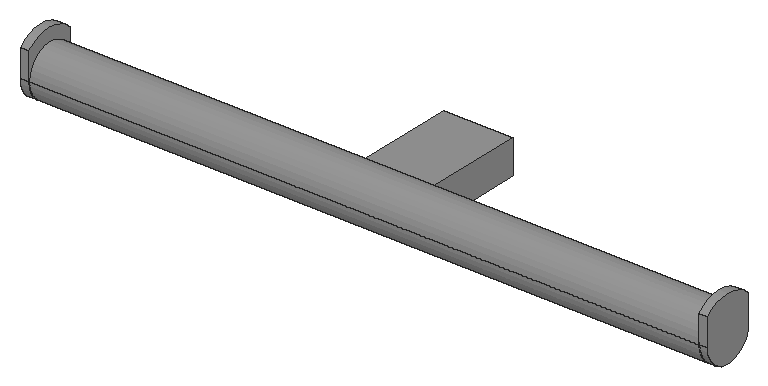
Revit family "KEUCO_14963010003", category Sonderausstattung, Revit 2016
Family settings
  Teiletyp = Normal
  Bemaßung runder Anschluss = Durchmesser verwenden
  Arbeitsebenenbasiert = Nein
  Immer vertikal = Ja
  Beim Laden mit Abzugskörper schneiden = Nein
  Gemeinsam genutzt = Nein
  Raumberechnungspunkt = Nein
Parameters
  Verwendung = "GWC / WC"  # constant formula
  URL = "https://www.keuco.com"
  Serie = "Plan"  # constant formula
  Preisgruppe = "1"  # constant formula
  Material Papierhalter [instance] = Aluminium silber-eloxiert (E6 EV1)
  Materialien bei Hersteller anfragen = "Anfrage zu:  objektmanagement@keuco.de"
  Kategorie = "ACC"  # constant formula
  Hersteller = "KEUCO"  # constant formula
  Gewicht = 382
  Description = "--"
  Ausschreibungstext = ""
  Artikelnummer = "14963010003"
Types (4, lengths in mm): name | URL | Material Papierhalter | Materialien bei Hersteller anfragen | Description | Ausschreibungstext | Artikelnummer
  (no name) | "https://www.keuco.com" | Aluminium silber-eloxiert (E6 EV1) | "Anfrage zu:  objektmanagement@keuco.de" | "--" | "" | "14963010003"
  14963010003 | "https://www.keuco.com/de/produkte/sortiment/artikel/?pid=14963&oid=2&pgo=24&country=de&lang=de&vid=14963010003" | Verchromt | "Request to:  objektmanagement@keuco.de" | "für Rollenbreite 100/120 mm" | "KEUCO PLAN Doppel-Toilettenpapierhalter, 14963010003\r\nhochglanzverchromter Doppel-Toilettenpapierhalter für Rollenbreite 100/120 mm, \r\nmit integrierter Rollenbremse aus thermoplast. Elastomer-Kunststoff, \r\nin ästhetischem, funktionalem Design,\r\nBreite: 298 mm, Gesamtausladung ohne WC Papierrolle: 65 mm, \r\nRohrdurchmesser 22 mm,\r\nder Doppel-Toilettenpapierhalter wird verdeckt angebracht,\r\nLieferung inkl. korrosionsfreiem Befestigungsmaterial" | "14963010003"
  14963070003 | "https://www.keuco.com/de/produkte/sortiment/artikel/?pid=14963&oid=2&pgo=24&country=de&lang=de&vid=14963070003" | Edelstahl | "Request to:  objektmanagement@keuco.de" | "für Rollenbreite 100/120 mm" | "KEUCO PLAN Doppel-Toilettenpapierhalter, 14963070003\r\nDoppel-Toilettenpapierhalter aus hochwertigem Edelstahl,\r\nfür Rollenbreite 100/120 mm, \r\nmit integrierter Rollenbremse aus thermoplast. Elastomer-Kunststoff, \r\nin ästhetischem, funktionalem Design,\r\nBreite: 298 mm, Gesamtausladung ohne WC Papierrolle: 65 mm, \r\nRohrdurchmesser 22 mm,\r\nder Doppel-Toilettenpapierhalter wird verdeckt angebracht,\r\nLieferung inkl. korrosionsfreiem Befestigungsmaterial" | "14963070003"
  14963170003 | "https://www.keuco.com/de/produkte/sortiment/artikel/?pid=14963&oid=2&pgo=24&country=de&lang=de&vid=14963170003" | Aluminium silber-eloxiert (E6 EV1) | "Request to:  objektmanagement@keuco.de" | "für Rollenbreite 100/120 mm" | "KEUCO PLAN Doppel-Toilettenpapierhalter, 14963170003\r\nDoppel-Toilettenpapierhalter aus silber-eloxiertem Aluminium (E6 EV1),\r\nfür Rollenbreite 100/120 mm, \r\nmit integrierter Rollenbremse aus thermoplast. Elastomer-Kunststoff, \r\nin ästhetischem, funktionalem Design,\r\nBreite: 298 mm, Gesamtausladung ohne WC Papierrolle: 65 mm, \r\nRohrdurchmesser 22 mm,\r\nder Doppel-Toilettenpapierhalter wird verdeckt angebracht,\r\nLieferung inkl. korrosionsfreiem Befestigungsmaterial" | "14963170003"
Reference planes
  plane 1 "Center (Front/Back)": y = 0
  plane 2: z = 0
  plane 3 "Center (Left/Right)": x = 0
  plane 4: x = -149
  plane 5: x = 149
Forms (mm)
  Extrusion 1, solid, material "Aluminium silber-eloxiert (E6 EV1)" <- "Material Papierhalter"
    sketch origin (1.655, -27.11, 0) x (0, -1, 0) y (0, 0, 1)
      loop
        line (-27.11, -20) -> (-27.11, -35) -> (15.671, -35)
        arc (15.671, -35) -> (12.717, -27.5) -> (15.671, -20) r 11
        line (15.671, -20) -> (-27.11, -20)
    from -13.328 to 16.655
  Extrusion 2, solid, material "Aluminium silber-eloxiert (E6 EV1)" <- "Material Papierhalter"
    sketch origin (63.328, -50.828, 0) x (0, -1, 0) y (0, 0, 1)
      loop
        circle (0, -27.5) r 11
    from -81.877 to 208.532
  Extrusion 3, solid, material "Aluminium silber-eloxiert (E6 EV1)" <- "Material Papierhalter"
    sketch origin (-29, -50.828, 0) x (0, -1, 0) y (0, 0, 1)
      loop
        arc (-11, -27.5) -> (0, -38.5) -> (11, -27.5) r 11
        line (11, -27.5) -> (11, -15.584)
        arc (11, -15.584) -> (0, -11.124) -> (-11, -15.584) r 15.795
        line (-11, -15.584) -> (-11, -27.5)
    from 116.205 to 120
  Extrusion 4, solid, material "Aluminium silber-eloxiert (E6 EV1)" <- "Material Papierhalter"
    sketch origin (29, -50.828, 0) x (0, -1, 0) y (0, 0, -1)
      loop
        line (-11, 27.5) -> (-11, 15.584)
        arc (-11, 15.584) -> (0, 11.124) -> (11, 15.584) r 15.795
        line (11, 15.584) -> (11, 27.5)
        arc (11, 27.5) -> (0, 38.5) -> (-11, 27.5) r 11
    from 116.205 to 120
Lines and regions (mm)
  symbolic lines, style "SpecialityEquipment"
    curve 1: line (-15, 0, 0) -> (-15, -39.828, 0)
    curve 2: line (-15, -39.828, 0) -> (-149, -39.828, 0)
    curve 3: line (-149, -39.828, 0) -> (-149, -61.828, 0)
    curve 4: line (-149, -61.828, 0) -> (149, -61.828, 0)
    curve 5: line (149, -61.828, 0) -> (149, -39.828, 0)
    curve 6: line (149, -39.828, 0) -> (14.983, -39.828, 0)
    curve 7: line (14.983, -39.828, 0) -> (14.983, 0, 0)
    curve 8: line (14.983, 0, 0) -> (-15, 0, 0)
Dimensions and locks
  plane 4 to plane 5 = 298 mm
  equal spacing: plane 4, plane 3 "Center (Left/Right)", plane 5
  aligned and locked: level to plane 2
Automatic sketch dimensions
  Extrusion 2 sketch curve to level = 27.5 mm
  plane 1 "Center (Front/Back)" to Extrusion 2 sketch curve = 50.828 mm
  Extrusion 3 sketch curve to level = 15.584 mm
  plane 1 "Center (Front/Back)" to Extrusion 3 sketch curve = 39.828 mm
  Extrusion 3 sketch curve to Extrusion 3 sketch curve = 11 mm
  Extrusion 3 sketch curve to Extrusion 3 sketch curve = 0 mm
  Extrusion 3 sketch curve to Extrusion 3 sketch curve = 11.335 mm
  Extrusion 3 sketch curve to Extrusion 3 sketch curve = 0.581 mm
  Extrusion 4 sketch curve to level = 15.584 mm
  plane 1 "Center (Front/Back)" to Extrusion 4 sketch curve = 39.828 mm
  Extrusion 4 sketch curve to Extrusion 4 sketch curve = 11 mm
  Extrusion 4 sketch curve to Extrusion 4 sketch curve = 0 mm
  Extrusion 4 sketch curve to Extrusion 4 sketch curve = 11.335 mm
  Extrusion 4 sketch curve to Extrusion 4 sketch curve = 0.581 mm
  Extrusion 1 sketch curve to plane 1 "Center (Front/Back)" = 0 mm
  Extrusion 1 sketch curve to level = 20 mm
  plane 1 "Center (Front/Back)" to Extrusion 1 sketch curve = 42.781 mm
  Extrusion 1 sketch curve to Extrusion 1 sketch curve = 8.047 mm
  Extrusion 1 sketch curve to Extrusion 1 sketch curve = 7.5 mm
  Extrusion 1 sketch curve to Extrusion 1 sketch curve = 15 mm
  curve 6 to plane 5 = 0 mm
  curve 2 to plane 3 "Center (Left/Right)" = 15 mm
  plane 3 "Center (Left/Right)" to curve 7 = 14.983 mm
  plane 1 "Center (Front/Back)" to curve 6 = 39.828 mm
  curve 1 to curve 6 = 0 mm
  curve 3 to curve 2 = 22 mm
  curve 4 to plane 4 = 0 mm
  plane 1 "Center (Front/Back)" to curve 7 = 0 mm
  radius of Extrusion 2 sketch curve = 11 mm
